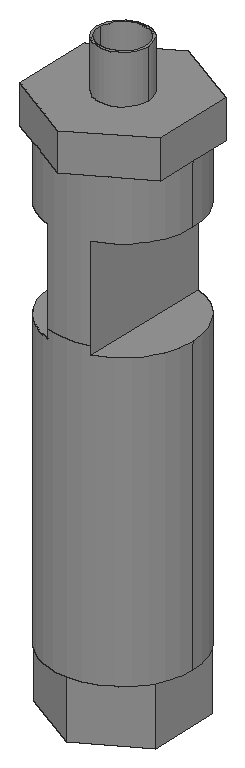
Revit family "MI-GAP", category Plumbing Fixtures, Revit 2013
Parameters
  URL = "www.mifab.com"
  Model = "MI-GAP"
  Manufacturer = "Mifab"
  Description = "Air Gap Fitting"
  Body Material = Copper
Reference planes (in)
  plane 1 "Center (Front/Back)": y = 0
  plane 2: z = 0
  plane 3 "Center (Left/Right)": x = 0
  plane 4: z = 10.17932
  plane 5: z = -60.32068
  plane 6: z = -66.32068
  plane 7: z = -6.9904
  plane 8: z = -18.9904
  plane 9: z = 82.17932
  plane 10: z = -102.32068
  plane 11: z = 67.17932
  plane 12: z = 57.17932
Forms (in)
  Revolve 1, solid, material "Copper" <- "Body Material"
    sketch origin (0, 0, 0) x (1, 0, 0) y (0, 0, 1)
      loop
        line (-8.25, 0) -> (-8.25, -18) -> (-8.25, -53.5) -> (0, -53.5) -> (0, 0) -> (-8.25, 0)
      axis (0, 0) -> (0, -53.5)
    angle from 0 to 360
  Extrusion 2, solid, material "Copper" <- "Body Material"
    sketch origin (0, 0, 0) x (1, 0, 0) y (0, 1, 0)
      loop
        line (-8.25, -4.76314) -> (0, -9.52628) -> (8.25, -4.76314) -> (8.25, 4.76314) -> (0, 9.52628) -> (-8.25, 4.76314) -> (-8.25, -4.76314)
    from 0 to 4.48076
  Extrusion 3, solid, material "Copper" <- "Body Material"
    sketch origin (0, 0, 0) x (1, 0, 0) y (0, 1, 0)
      loop
        circle (0, 0) r 3
    from 4.48076 to 10.17932
  Extrusion 4, void
    sketch origin (0, 0, 0) x (1, 0, 0) y (0, 1, 0)
      loop
        circle (0, 0) r 2.75
    from 0 to 12
  Extrusion 5, solid, material "Copper" <- "Body Material"
    sketch origin (0, 0, 0) x (1, 0, 0) y (0, 1, 0)
      loop
        line (0, -8.25) -> (7.14471, -4.125) -> (7.14471, 4.125) -> (0, 8.25) -> (-7.14471, 4.125) -> (-7.14471, -4.125) -> (0, -8.25)
    from -60.32068 to -53.5
  Extrusion 6, void
    sketch origin (0, 0, 0) x (1, 0, 0) y (0, 1, 0)
      loop
        circle (0, 0) r 6.75
    from -60.32068 to -53.5
  Revolve 7, solid
    sketch origin (0, 0, 0) x (1, 0, 0) y (0, 0, 1)
      loop
        line (0, 0) -> (-4, 0) -> (-4, -2) -> (-1, -2) -> (-1, -4) -> (0, -4) -> (0, 0)
      axis (0, 0) -> (0, -4)
    angle from 0 to 360
  Extrusion 8, void
    sketch origin (0, 0, 0) x (1, 0, 0) y (0, 0, 1)
      loop
        line (2.5, -6.9904) -> (2.5, -18.9904) -> (14.5, -18.9904) -> (14.5, -6.9904) -> (2.5, -6.9904)
      loop
        line (-2.5, -6.9904) -> (-14.5, -6.9904) -> (-14.5, -18.9904) -> (-2.5, -18.9904) -> (-2.5, -6.9904)
    from -16.92204 to 12
Cuts and joins
  Extrusion 4, Extrusion 6, Extrusion 8 cuts Revolve 1
  Extrusion 4, Extrusion 6 cuts Extrusion 2
  Extrusion 4, Extrusion 6 cuts Extrusion 3
  Extrusion 6 cuts Extrusion 5
  joined: Revolve 1, Extrusion 2, Extrusion 3, Extrusion 5
Dimensions and locks (in)
  locked: Extrusion 2 sketch curve to plane 3 "Center (Left/Right)" at 8.25  (x2)
  locked: Extrusion 5 sketch curve to plane 3 "Center (Left/Right)" at 7.14471  (x2)
  locked: plane 4 to plane 5 at 70.5
  locked: plane 4 to level at 10.17932
  locked: plane 5 to plane 6 at 6
  locked: plane 8 to cut or joined group of Revolve 1, Extrusion 2, Extrusion 3, Extrusion 4, Extrusion 5, Extrusion 6, Extrusion 8 at 34.5096
  plane 8 to plane 7 to cut or joined group of Revolve 1, Extrusion 2, Extrusion 3, Extrusion 4, Extrusion 5, Extrusion 6, Extrusion 8 = 1' - 0" locked, 0' - 6.9904"
  equal spacing: Extrusion 8 sketch curve, plane 3 "Center (Left/Right)", Extrusion 8 sketch curve
  locked: plane 9 to plane 4 at 72
  locked: plane 9 to plane 10 at 184.5
  locked: plane 9 to plane 11 at 15
  locked: plane 11 to plane 12 at 10
  aligned and locked: level to plane 2
  aligned and locked: Revolve 1 sketch curve to level
  aligned and locked: Extrusion 2 to level
  aligned and locked: plane 3 "Center (Left/Right)" to Extrusion 3 sketch curve
  aligned and locked: plane 1 "Center (Front/Back)" to Extrusion 3 sketch curve
  aligned and locked: Revolve 1 sketch curve to plane 2
  aligned and locked: Extrusion 3 to Extrusion 2
  aligned and locked: plane 3 "Center (Left/Right)" to Extrusion 4 sketch curve
  aligned and locked: plane 1 "Center (Front/Back)" to Extrusion 4 sketch curve
  aligned and locked: Extrusion 4 to level
  aligned and locked: Extrusion 6 to Revolve 1
  aligned and locked: plane 3 "Center (Left/Right)" to Extrusion 6 sketch curve
  aligned and locked: plane 1 "Center (Front/Back)" to Extrusion 6 sketch curve
  aligned and locked: cut or joined group of Revolve 1, Extrusion 2, Extrusion 3, Extrusion 4, Extrusion 5, Extrusion 6, Extrusion 8 to Extrusion 6
  aligned and locked: cut or joined group of Revolve 1, Extrusion 2, Extrusion 3, Extrusion 4, Extrusion 5, Extrusion 6, Extrusion 8 to Revolve 7 sketch curve
  aligned and locked: Extrusion 5 to plane 5
  aligned and locked: Revolve 1 sketch curve to plane 3 "Center (Left/Right)"
